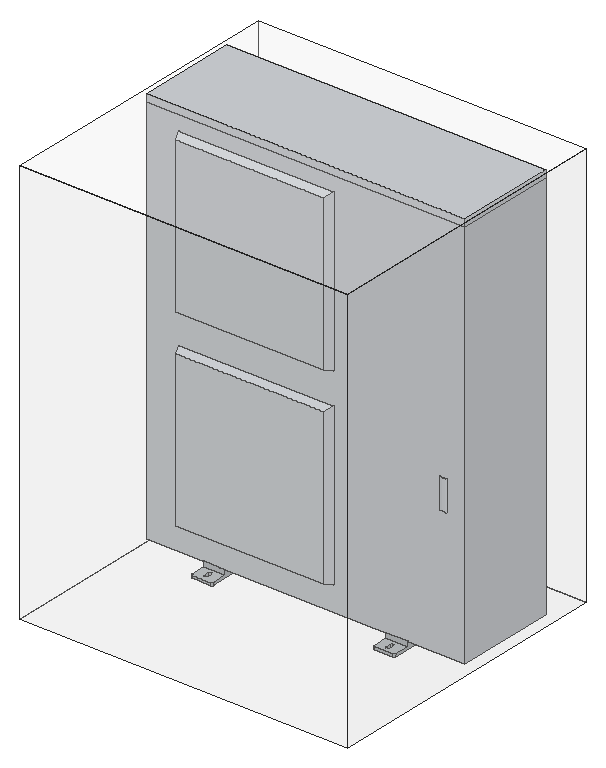
Revit family "puz-dhrmp80_140ka5_50hz", category 機械設備, Revit 2023 (continued)
Definition of nested family "PUZ-HDRMP-3"
  Dimensions and locks
    aligned and locked: curve 1 to plane 49
    aligned and locked: plane 49 to curve 19
    aligned and locked: curve 18 to plane 50
    aligned and locked: plane 50 to curve 2
    aligned and locked: plane 50 to curve 20
    aligned and locked: plane 57 to Extrusion 5 sketch curve
    aligned and locked: plane 53 to Extrusion 5 sketch curve
    aligned and locked: plane 58 to Extrusion 6 sketch curve
    aligned and locked: plane 56 to Extrusion 6 sketch curve
    aligned and locked: plane 61 to Extrusion 7 sketch curve
    aligned and locked: plane 54 to Extrusion 7 sketch curve
    aligned and locked: plane 55 to Extrusion 7
    aligned and locked: Extrusion 7 to plane 62
    aligned and locked: plane 64 to Extrusion 6
    aligned and locked: plane 63 to Extrusion 5
    aligned and locked: Extrusion 6 to plane 60
    aligned and locked: Extrusion 5 to plane 59
    aligned and locked: plane 66 to Extrusion 8 sketch curve
    aligned and locked: plane 65 to Extrusion 8 sketch curve
    aligned and locked: Extrusion 8 to plane 60
    aligned and locked: plane 64 to Extrusion 8
    aligned and locked: Blend 9 sketch curve to plane 71
    aligned and locked: Blend 9 sketch curve to plane 72
    aligned and locked: Blend 9 sketch curve to plane 42
    aligned and locked: Blend 9 sketch curve to plane 41
    aligned and locked: plane 45 to Blend 9 sketch curve
    aligned and locked: Blend 9 sketch curve to plane 46
    aligned and locked: Blend 9 sketch curve to plane 73
    aligned and locked: plane 74 to Blend 9 sketch curve
    aligned and locked: Blend 9 to plane 8
    aligned and locked: plane 38 to Blend 9
    aligned and locked: plane 22 to Extrusion 10 sketch curve
    aligned and locked: plane 21 to Extrusion 10 sketch curve
    aligned and locked: Extrusion 10 sketch curve to Extrusion 1  (x4)
    aligned and locked: Extrusion 10 sketch curve to plane 23
    aligned and locked: Extrusion 10 sketch curve to plane 20
    aligned and locked: plane 24 to Extrusion 10
    aligned and locked: Extrusion 10 to level
    aligned and locked: plane 25 to Extrusion 11
    aligned and locked: Extrusion 11 to plane 26
    aligned and locked: Masking region 1 sketch curve to Extrusion 3  (x4)
    aligned and locked: Masking region 1 sketch curve to cut or joined group of Extrusion 1, Extrusion 10  (x8)
    aligned and locked: Masking region 1 sketch curve to Blend 9  (x3)
    aligned and locked: plane 51 to Extrusion 11 sketch curve
    aligned and locked: plane 52 to Extrusion 11 sketch curve
    aligned and locked: plane 76 to Extrusion 11 sketch curve
    aligned and locked: plane 77 to Extrusion 11 sketch curve
    aligned and locked: plane 78 to Extrusion 11 sketch curve
    aligned and locked: plane 79 to Extrusion 11 sketch curve
    aligned and locked: plane 75 to Extrusion 11 sketch curve  (x4)
  Automatic sketch dimensions
    plane 7 to Extrusion 1 sketch curve = 0 mm  (x2)
    Extrusion 1 sketch curve to plane 18 = 0 mm
    plane 8 to Extrusion 1 sketch curve = 0 mm  (x2)
    Extrusion 1 sketch curve to plane 19 = 0 mm
    Extrusion 1 sketch curve to plane 20 = 0 mm
    Extrusion 1 sketch curve to plane 21 = 0 mm
    curve 187 to curve 188 = 40 mm
    curve 186 to curve 190 = 13.333 mm
    curve 190 to curve 190 = 40 mm
    curve 186 to curve 193 = 0 mm
    curve 186 to curve 188 = 40 mm
    curve 188 to curve 191 = 0 mm
    curve 179 to curve 180 = 40 mm
    curve 178 to curve 182 = 120 mm
    curve 182 to curve 182 = 40 mm
    curve 178 to curve 185 = 0 mm
    curve 178 to curve 180 = 40 mm
    curve 182 to curve 183 = 40 mm
    curve 25 to plane 45 = 0 mm
    curve 24 to plane 45 = 0 mm
    curve 22 to plane 45 = 0 mm
    curve 23 to plane 45 = 0 mm
    curve 26 to plane 45 = 0 mm
    curve 21 to plane 45 = 0 mm
    curve 24 to plane 46 = 0 mm
    curve 25 to plane 46 = 0 mm
    curve 26 to plane 46 = 0 mm
    curve 23 to plane 46 = 0 mm
    curve 22 to plane 46 = 0 mm
    curve 21 to plane 46 = 0 mm
    curve 37 to plane 48 = 0 mm
    curve 52 to plane 48 = 0 mm
    curve 51 to plane 48 = 0 mm
    curve 50 to plane 48 = 0 mm
    curve 49 to plane 48 = 0 mm
    curve 48 to plane 48 = 0 mm
    curve 47 to plane 48 = 0 mm
    curve 46 to plane 48 = 0 mm
    curve 45 to plane 48 = 0 mm
    curve 44 to plane 48 = 0 mm
    curve 43 to plane 48 = 0 mm
    curve 42 to plane 48 = 0 mm
    curve 41 to plane 48 = 0 mm
    curve 27 to plane 48 = 0 mm
    curve 28 to plane 48 = 0 mm
    curve 40 to plane 48 = 0 mm
    curve 39 to plane 48 = 0 mm
    curve 29 to plane 48 = 0 mm
    curve 38 to plane 48 = 0 mm
    curve 30 to plane 48 = 0 mm
    curve 53 to plane 48 = 0 mm
    curve 31 to plane 48 = 0 mm
    curve 36 to plane 48 = 0 mm
    curve 32 to plane 48 = 0 mm
    curve 35 to plane 48 = 0 mm
    curve 33 to plane 48 = 0 mm
    curve 34 to plane 48 = 0 mm
    curve 28 to plane 47 = 0 mm
    curve 41 to plane 47 = 0 mm
    curve 27 to plane 47 = 0 mm
    curve 42 to plane 47 = 0 mm
    curve 31 to plane 47 = 0 mm
    curve 40 to plane 47 = 0 mm
    curve 37 to plane 47 = 0 mm
    curve 39 to plane 47 = 0 mm
    curve 32 to plane 47 = 0 mm
    curve 45 to plane 47 = 0 mm
    curve 36 to plane 47 = 0 mm
    curve 46 to plane 47 = 0 mm
    curve 43 to plane 47 = 0 mm
    curve 47 to plane 47 = 0 mm
    curve 29 to plane 47 = 0 mm
    curve 48 to plane 47 = 0 mm
    curve 30 to plane 47 = 0 mm
    curve 49 to plane 47 = 0 mm
    curve 44 to plane 47 = 0 mm
    curve 50 to plane 47 = 0 mm
    curve 33 to plane 47 = 0 mm
    curve 51 to plane 47 = 0 mm
    curve 35 to plane 47 = 0 mm
    curve 52 to plane 47 = 0 mm
    curve 38 to plane 47 = 0 mm
    curve 53 to plane 47 = 0 mm
    curve 34 to plane 47 = 0 mm
    plane 13 to curve 304 = 138 mm
    curve 304 to plane 46 = 0 mm
    curve 307 to plane 45 = 0 mm
    curve 306 to plane 45 = 0 mm
    curve 303 to plane 45 = 0 mm
    curve 308 to plane 45 = 0 mm
    curve 303 to plane 46 = 0 mm
    curve 306 to plane 46 = 0 mm
    curve 307 to plane 46 = 0 mm
    curve 308 to plane 46 = 0 mm
    curve 309 to plane 45 = 0 mm
    curve 309 to plane 46 = 0 mm
    curve 305 to plane 74 = 0 mm
    curve 305 to plane 73 = 0 mm
    curve 310 to plane 74 = 0 mm
    curve 310 to plane 73 = 0 mm
    curve 311 to plane 73 = 0 mm
    curve 311 to plane 74 = 0 mm
    curve 312 to plane 74 = 0 mm
    curve 312 to plane 73 = 0 mm
    curve 313 to plane 74 = 0 mm
    curve 313 to plane 73 = 0 mm
    curve 314 to plane 73 = 0 mm
    curve 314 to plane 74 = 0 mm
    curve 315 to plane 74 = 0 mm
    curve 315 to plane 73 = 0 mm
    curve 316 to plane 73 = 0 mm
    curve 316 to plane 74 = 0 mm
    curve 317 to plane 74 = 0 mm
    curve 317 to plane 73 = 0 mm
    curve 318 to plane 74 = 0 mm
    curve 318 to plane 73 = 0 mm
    curve 319 to plane 74 = 0 mm
    curve 319 to plane 73 = 0 mm
    curve 320 to plane 74 = 0 mm
    curve 320 to plane 73 = 0 mm
    curve 321 to plane 74 = 0 mm
    curve 321 to plane 73 = 0 mm
    curve 322 to plane 73 = 0 mm
    curve 322 to plane 74 = 0 mm
    curve 323 to plane 73 = 0 mm
    curve 323 to plane 74 = 0 mm
    curve 324 to plane 73 = 0 mm
    curve 324 to plane 74 = 0 mm
    curve 325 to plane 74 = 0 mm
    curve 325 to plane 73 = 0 mm
    curve 326 to plane 74 = 0 mm
    curve 326 to plane 73 = 0 mm
    curve 327 to plane 74 = 0 mm
    curve 327 to plane 73 = 0 mm
    curve 328 to plane 74 = 0 mm
    curve 328 to plane 73 = 0 mm
    curve 329 to plane 74 = 0 mm
    curve 329 to plane 73 = 0 mm
    curve 330 to plane 74 = 0 mm
    curve 330 to plane 73 = 0 mm
    curve 331 to plane 74 = 0 mm
    curve 331 to plane 73 = 0 mm
    curve 332 to plane 73 = 0 mm
    curve 332 to plane 74 = 0 mm
    curve 333 to plane 74 = 0 mm
    curve 333 to plane 73 = 0 mm
    curve 334 to plane 73 = 0 mm
    curve 334 to plane 74 = 0 mm
    curve 335 to plane 74 = 0 mm
    curve 335 to plane 73 = 0 mm
    Extrusion 10 sketch curve to plane 18 = 0 mm  (x2)
    plane 8 to Extrusion 10 sketch curve = 0 mm
    plane 23 to Extrusion 10 sketch curve = 0 mm
    plane 22 to Extrusion 10 sketch curve = 0 mm  (x3)
    plane 16 to Extrusion 10 sketch curve = 0 mm  (x3)
    plane 17 to Extrusion 10 sketch curve = 0 mm  (x3)
    Extrusion 10 sketch curve to plane 15 = 0 mm  (x2)
    Extrusion 10 sketch curve to plane 19 = 0 mm  (x2)
    Extrusion 10 sketch curve to plane 14 = 0 mm  (x2)
    plane 7 to Extrusion 10 sketch curve = 0 mm
    Extrusion 10 sketch curve to plane 18 = 5 mm
    plane 15 to Extrusion 10 sketch curve = 6 mm  (x2)
    plane 19 to Extrusion 10 sketch curve = 5 mm
    Extrusion 10 sketch curve to plane 20 = 5 mm
    plane 14 to Extrusion 10 sketch curve = 6 mm  (x2)
    plane 21 to Extrusion 10 sketch curve = 5 mm
    plane 38 to Extrusion 10 sketch curve = 10 mm  (x2)
    plane 19 to Masking region 1 sketch curve = 0 mm
    plane 21 to Masking region 1 sketch curve = 0 mm
    plane 7 to Masking region 1 sketch curve = 0 mm  (x2)
    Masking region 1 sketch curve to plane 20 = 0 mm
    Masking region 1 sketch curve to plane 18 = 0 mm
    plane 8 to Masking region 1 sketch curve = 0 mm  (x2)
    plane 38 to Masking region 1 sketch curve = 0 mm
    curve 352 to plane 6 = 0 mm
    plane 7 to curve 352 = 0 mm
    curve 353 to plane 18 = 0 mm
    curve 348 to plane 18 = 0 mm
    plane 8 to curve 346 = 0 mm
    curve 354 to plane 19 = 0 mm
    curve 347 to plane 19 = 0 mm
    curve 345 to plane 41 = 0 mm
    plane 38 to curve 344 = 0 mm
    curve 344 to plane 46 = 0 mm
    curve 357 to plane 20 = 0 mm
    curve 343 to plane 20 = 0 mm
    curve 358 to plane 21 = 0 mm
    curve 341 to plane 21 = 0 mm
    curve 339 to plane 45 = 0 mm
    curve 339 to plane 42 = 0 mm
    curve 337 to plane 5 = 0 mm
    plane 22 to curve 354 = 0 mm
    plane 22 to curve 358 = 0 mm
    plane 23 to curve 342 = 0 mm
    plane 23 to curve 347 = 0 mm
    curve 11 to plane 65 = 6 mm
    plane 18 to curve 352 = 28.157 mm
    plane 15 to curve 346 = 0.043 mm
    plane 21 to curve 338 = 11.963 mm
    curve 336 to plane 21 = 9.073 mm
    curve 344 to plane 21 = 22.105 mm
    plane 28 to curve 3 = 5 mm
    curve 3 to plane 45 = 38 mm
    curve 1 to plane 45 = 38 mm
    curve 3 to curve 5 = 0 mm
    curve 4 to plane 29 = 5 mm
    curve 372 to plane 65 = 6 mm
    plane 65 to curve 376 = 9 mm
    curve 12 to plane 65 = 6 mm
    curve 20 to plane 53 = 4 mm
    curve 2 to curve 16 = 15 mm
    plane 51 to curve 15 = 5 mm
Definition of nested family "固定点"
  Parameters (values of type "固定点")
    Default Elevation = 0 mm
    中心円 = if(W > 599 mm, 12 mm, 10 mm)  # 12 mm
    W = 1000 mm
    D = 1000 mm
  Reference planes
    plane 1 "中心(正面/背面)": y = 0
    plane 2: z = 0
    plane 3 "中心(左/右)": x = 0
    plane 4: x = 1000
    plane 5: y = 1000
  Lines and regions (mm)
    symbolic lines, detail levels fine
      curve 1: circle (0, 1000, 0) r 6 normal (0, 0, 1)
      curve 2: circle (0, 0, 0) r 6 normal (0, 0, 1)
      curve 3: circle (1000, 1000, 0) r 6 normal (0, 0, 1)
      curve 4: circle (1000, 0, 0) r 6 normal (0, 0, 1)
      curve 5: line (-200, 1000, 0) -> (1200, 1000, 0)
      curve 6: line (-200, 0, 0) -> (1200, 0, 0)
      curve 7: line (0, 1200, 0) -> (0, -200, 0)
      curve 8: line (1000, 1200, 0) -> (1000, -200, 0)
  Dimensions and locks
    "W": plane 3 "中心(左/右)" to plane 4
    "D": plane 1 "中心(正面/背面)" to plane 5
    "中心円": diameter of curve 1
    "中心円": diameter of curve 2
    "中心円": diameter of curve 3
    "中心円": diameter of curve 4
    aligned and locked: level to plane 2
    aligned and locked: plane 5 to curve 1
    aligned and locked: plane 3 "中心(左/右)" to curve 1
    aligned and locked: plane 3 "中心(左/右)" to curve 2
    aligned and locked: plane 1 "中心(正面/背面)" to curve 2
    aligned and locked: plane 4 to curve 3
    aligned and locked: plane 5 to curve 3
    aligned and locked: plane 1 "中心(正面/背面)" to curve 4
    aligned and locked: plane 4 to curve 4
    aligned and locked: plane 1 "中心(正面/背面)" to curve 6
    aligned and locked: curve 7 to plane 3 "中心(左/右)"
    aligned and locked: curve 8 to plane 4
  Automatic sketch dimensions
    curve 5 to plane 5 = 0 mm
    curve 6 to plane 3 "中心(左/右)" = 200 mm
    curve 5 to plane 3 "中心(左/右)" = 200 mm
    curve 4 to curve 6 = 200 mm
    curve 3 to curve 5 = 200 mm
    plane 1 "中心(正面/背面)" to curve 8 = 200 mm
    plane 1 "中心(正面/背面)" to curve 7 = 200 mm
    curve 3 to curve 8 = 200 mm
    curve 1 to curve 7 = 200 mm
Types (9, lengths in mm): name | 音響パワーレベル_冷房 (dB) | 音響パワーレベル_暖房 (dB) | 音響パワーレベル(dB) | 電動機出力_圧縮機 | 消費電力_暖房 | 消費電力_冷房 | 消費電力 | 本体マテリアル | 暖房能力 | 推奨ブレーカー容量 | 冷房能力 | 冷媒管（ガス）位置Y | 冷媒管位置Y | モデル | URL
  PUZ-DHRMP80KA5 | 66 | 68 | 68 | 1.5 kW | 1.92 kW | 1.77 kW | 1.92 kW | Galvanized steel plate | 8 kW | 30 A | 7.1 kW | 274 | 282 | "PUZ-DHRMP80KA5" | "https://www.mitsubishielectric.co.jp/ldg/wink/qr/002/364558"
  PUZ-DHRMP112KA5 | 66 | 69 | 69 | 2.1 kW | 2.69 kW | 2.5 kW | 2.69 kW | none | 11.2 kW | 30 A | 10 kW | 234 | 262 | "PUZ-DHRMP112KA5" | "https://www.mitsubishielectric.co.jp/ldg/wink/qr/002/364561"
  PUZ-DHRMP140KA5 | 68 | 69 | 69 | 2.7 kW | 3.82 kW | 3.69 kW | 3.82 kW | none | 14 kW | 40 A | 12.5 kW | 234 | 262 | "PUZ-DHRMP140KA5" | "https://www.mitsubishielectric.co.jp/ldg/wink/qr/002/364564"
  PUZ-DHRMP80KA5-BS | 66 | 68 | 68 | 1.5 kW | 1.92 kW | 1.77 kW | 1.92 kW | none | 8 kW | 30 A | 7.1 kW | 274 | 282 | "PUZ-DHRMP80KA5-BS" | "https://www.mitsubishielectric.co.jp/ldg/wink/qr/002/364559"
  PUZ-DHRMP80KA5-BSG | 66 | 68 | 68 | 1.5 kW | 1.92 kW | 1.77 kW | 1.92 kW | Galvanized steel plate | 8 kW | 30 A | 7.1 kW | 274 | 282 | "PUZ-DHRMP80KA5-BSG" | "https://www.mitsubishielectric.co.jp/ldg/wink/qr/002/364560"
  PUZ-DHRMP140KA5-BS | 68 | 69 | 69 | 2.7 kW | 3.82 kW | 3.69 kW | 3.82 kW | none | 14 kW | 40 A | 12.5 kW | 234 | 262 | "PUZ-DHRMP140KA5-BS" | "https://www.mitsubishielectric.co.jp/ldg/wink/qr/002/364711"
  PUZ-DHRMP140KA5-BSG | 68 | 69 | 69 | 2.7 kW | 3.82 kW | 3.69 kW | 3.82 kW | none | 14 kW | 40 A | 12.5 kW | 234 | 262 | "PUZ-DHRMP140KA5-BSG" | "https://www.mitsubishielectric.co.jp/ldg/wink/qr/002/364565"
  PUZ-DHRMP112KA5-BS | 66 | 69 | 69 | 2.1 kW | 2.69 kW | 2.5 kW | 2.69 kW | none | 11.2 kW | 30 A | 10 kW | 234 | 262 | "PUZ-DHRMP112KA5-BS" | "https://www.mitsubishielectric.co.jp/ldg/wink/qr/002/364562"
  PUZ-DHRMP112KA5-BSG | 66 | 69 | 69 | 2.1 kW | 2.69 kW | 2.5 kW | 2.69 kW | none | 11.2 kW | 30 A | 10 kW | 234 | 262 | "PUZ-DHRMP112KA5-BSG" | "https://www.mitsubishielectric.co.jp/ldg/wink/qr/002/364563"
